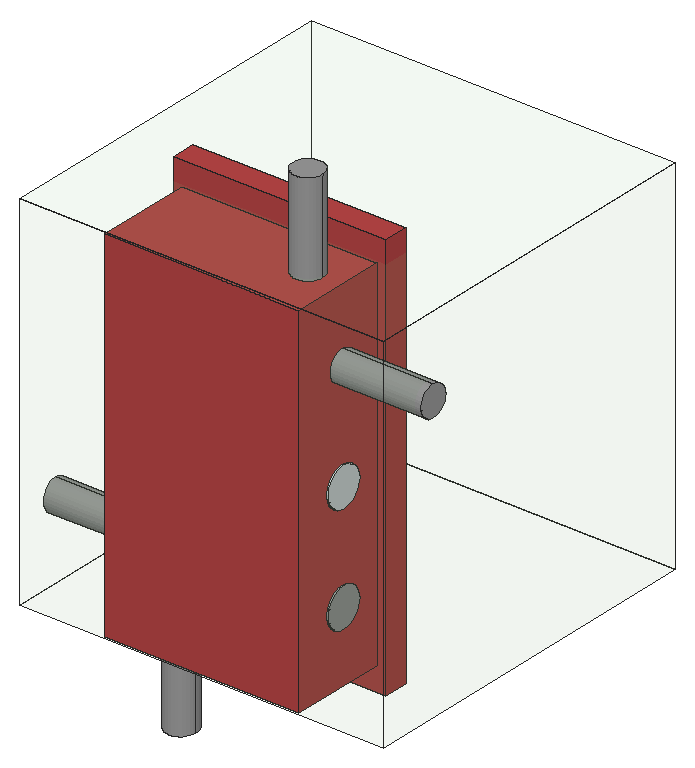
Revit family "ZETA_Коробка_Клемная_ККМТ-20", category Электрические приборы, Revit 2021
Family settings
  Сохранять ориентацию аннотаций = Нет
  Размер круглого соединителя = Использовать диаметр
  Тип детали = Нормальный
  На основе рабочей плоскости = Да
  Всегда вертикально = Нет
  При загрузке вырезать с полостями = Нет
  Общий = Нет
  Точка принадлежности помещению = Да
Parameters (values of type "ККМТ-20")
  УГО_Ширина = 10 mm
  УГО_Смещение_Х [instance] = 0 mm
  УГО_Смещение_Y [instance] = 0 mm
  УГО_Высота = 5 mm
  Температура эксплуатации = "от -40°С до +60°С"
  Сечение жил до = "4мм2"
  Сертификат = "RU C-RU.АД84.В.00192/20"
  Потолочное размещение [instance] = no
  Default Elevation = 1219.2 mm
  Описание = "Коробки клеммные ККМТ с наборными зажимами предназначены для\r\nсоединения и разветвления вторичных и силовых электрических цепей,\r\nвыполняемых контрольными кабелями с числом жил до 52 и силовыми кабелями с\r\nалюминиевыми или медными жилами сечением 1,5—4 мм2, проложенные в\r\nметаллических жестких трубах в трубных системах прокладки кабелей"
  Номинальный ток = "до 25A"
  Напряжение постоянного тока = "440 В"
  Напряжение переменного тока = "660 В"
  Крышка_Ширина = 160 mm
  Крышка_Длина = 190 mm
  Климатическое исполнение = "У3"
  Изготовитель = "АО «ЗЭТА»"  # constant formula
  Изготавливается по = "ТУ 27.33.13.120-047-99856433-2020"
  URL = "https://nzeta.ru/"
  D3 = 20 mm
  D2 = 32 mm
  D1 = 25 mm
  В_УГО_Смещение_У [instance] = УГО_Смещение_Y + 2000 mm  # 2000 mm
  В_УГО_Смещение_X [instance] = УГО_Смещение_Х + 2000 mm  # 2000 mm
  ADSK_Ток = 0 A
  ADSK_Степень защиты_IP = "IP31"
  ADSK_Размер_Ширина = 175 mm
  ADSK_Размер_УголПоворота [instance] = if(Потолочное размещение, -90.00°, 180.00°)  # 180.00°
  ADSK_Размер_Длина = 336 mm
  ADSK_Размер_Высота = 100 mm
  ADSK_Примечание [instance] = ""
  ADSK_Полная мощность = 0 VA
  ADSK_Позиция [instance] = ""
  ADSK_Обозначение = "KK"
  ADSK_Номинальная мощность = 0 W
  ADSK_Номер стояка = ""
  ADSK_Номер линии = 0
  ADSK_Напряжение = 230 V
  ADSK_Наименование краткое = "ККМТ-20"
  ADSK_Наименование = "Коробка клеммная ККМТ-20 У3 IP31 ГОФРОМАТИК"
  ADSK_Материал наименование = "Сталь оцинкованная"
  ADSK_Масса_Текст = "2,84"
  ADSK_Масса = 2.84
  ADSK_Марка = "КК ККМТ-20 У3 IP31"
  ADSK_Коэффициент мощности = 1
  ADSK_Количество фаз числовое = 1
  ADSK_Количество фаз = 1
  ADSK_Количество = 1
  ADSK_Код изделия = "zeta30371"
  ADSK_Классификация нагрузок = Прочее
  ADSK_Завод-изготовитель = "АО «ЗЭТА»"  # constant formula
  ADSK_Единица измерения = "шт"  # constant formula
  ADSK_Версия семейства = "v.1"  # constant formula
  ADSK_Версия Revit = "2021"
  ADSK_URL страницы изделия = "https://nzeta.ru/catalog/?q=zeta30371"
  ADSK_URL документации изделия = "https://nzeta.ru/upload/uf/0cc/nd938dqqshulb2erh1ouccn7p0e6zfv7/passport.pdf"
Types (2): name
  ККМТ-20
  ККМТ-20_IP31
Reference planes
  plane 1 "По центру (Вперед/Назад)": y = 0
  plane 2: z = 0
  plane 3 "По центру (Влево/Вправо)": x = 0
  plane 4: x = -2000
  plane 5: y = -2000
  plane 6: x = 0
  plane 7: y = 0
Lines and regions (mm)
  reference lines
    curve 1: line (0, 0, 0) -> (0, 0, -180)
    curve 2: line (0, 0, 0) -> (0, 140, 0)
Dimensions and locks
  "В_УГО_Смещение_X": plane 4 to plane 6
  "В_УГО_Смещение_У": plane 7 to plane 5
  angle curve 2 to curve 1 = 90.00°
  "ADSK_Размер_УголПоворота": angle plane 1 "По центру (Вперед/Назад)" to curve 1
  aligned and locked: level to plane 2
  aligned and locked: plane 6 to nested 1
  aligned and locked: nested 1 to plane 7
  aligned and locked: plane 2 to curve 2
  aligned and locked: plane 1 "По центру (Вперед/Назад)" to curve 1
  aligned and locked: nested 2 to curve 2
Nested families
  nested 1: "УГО_Клеменная_Коробка_(GenAnn)" at (0, 0, 0), УГО_Высота <- "УГО_Высота", УГО_Длина <- "УГО_Ширина", ADSK_Обозначение <- "ADSK_Обозначение", ADSK_Степень защиты_IP <- "ADSK_Степень защиты_IP", type "УГО_Клеменная_Коробка_(GenAnn)", detail levels coarse+medium
    with УГО_Длина 10 mm, УГО_Высота 5 mm, ADSK_Степень защиты_IP "IP31", ADSK_Обозначение "KK"
  nested 2: "ZETA_Коробка_Клемная_ККМТ-20_Геометрия" at (0, 0, 0) x (0, 0, -1) z (0, 1, 0), type "ККМТ-20", detail levels medium+fine
  nested 3: "Zeta_Зона обслуживания" at (0, 0, 0) x (-1, 0, 0) z (0, 0, -1), type "Зона обслуживания_Куб", detail levels medium+fine
    with Зона обслуживания_Ширина 300 mm, Зона обслуживания_Длина 300 mm, Зона обслуживания_Высота 300 mm
Connectors
  cabletrayconduit at (-81.999, 43.588, 88.893), diameter 32, driven by "D2"
    settings: on nested 2, index 2, connector width 300 mm, connector height 300 mm, connector angle 0.00°, system type 32, placement type 0, profile type 0, connector reference index -1, is primary connector yes, connector utility param no, connector description ""
  cabletrayconduit at (-81.999, 43.588, 0), diameter 25, driven by "D1"
    settings: on nested 2, index 3, connector width 300 mm, connector height 300 mm, connector angle 0.00°, system type 32, placement type 0, profile type 0, connector reference index -1, is primary connector no, connector utility param no, connector description ""
  cabletrayconduit at (-155.5, 43.588, -88.893), diameter 25, driven by "D1"
    settings: on nested 2, index 4, connector width 300 mm, connector height 300 mm, connector angle 0.00°, system type 32, placement type 0, profile type 0, connector reference index -1, is primary connector no, connector utility param no, connector description ""
  electrical at (0, 0, 0), driven by "ADSK_Количество фаз", driven by "ADSK_Классификация нагрузок", driven by "ADSK_Напряжение", driven by "ADSK_Полная мощность", driven by "ADSK_Коэффициент мощности"
    settings: on nested 2, index 5, voltage 230 V, apparent load 0 VA, apparent load phase1 0 VA, apparent load phase2 0 VA, apparent load phase3 0 VA, power factor 1, load classification "Прочее", number of poles 1, system type 30, power factor state 1, is connector primary yes, connector utility no, sub classification motor no, connector description ""
  cabletrayconduit at (155.5, 43.588, 89.057), diameter 25, driven by "D1"
    settings: on nested 2, index 7, connector width 300 mm, connector height 300 mm, connector angle 0.00°, system type 32, placement type 0, profile type 0, connector reference index -1, is primary connector no, connector utility param no, connector description ""
  cabletrayconduit at (81.928, 43.588, -89.057), diameter 32, driven by "D2"
    settings: on nested 2, index 8, connector width 300 mm, connector height 300 mm, connector angle 0.00°, system type 32, placement type 0, profile type 0, connector reference index -1, is primary connector no, connector utility param no, connector description ""
  cabletrayconduit at (-52.269, 43.588, -224.428), diameter 25, driven by "D1"
    settings: on nested 2, index 11, connector width 300 mm, connector height 300 mm, connector angle 0.00°, system type 32, placement type 0, profile type 0, connector reference index -1, is primary connector no, connector utility param no, connector description ""
  cabletrayconduit at (52.269, 43.588, 224.428), diameter 25, driven by "D1"
    settings: on nested 2, index 12, connector width 300 mm, connector height 300 mm, connector angle 0.00°, system type 32, placement type 0, profile type 0, connector reference index -1, is primary connector no, connector utility param no, connector description ""
  cabletrayconduit at (81.928, 43.588, 0), diameter 32, driven by "D2"
    settings: on nested 2, index 13, connector width 300 mm, connector height 300 mm, connector angle 0.00°, system type 32, placement type 0, profile type 0, connector reference index -1, is primary connector no, connector utility param no, connector description ""
Definition of nested family "ZETA_Коробка_Клемная_ККМТ-20_Геометрия"
  Parameters (values of type "ККМТ-20")
    Привязки_Штуцер = 177.786 mm
    Default Elevation = 1219.2 mm
    Основание_Ширина = ADSK_Размер_Ширина * 0.9142  # 159.985 mm
    Основание_Длина = ADSK_Размер_Длина * 0.8835  # 296.856 mm
    Manufacturer = "АО \"ЗЭТАРУС\""
    D3 = 20 mm
    D2 = 32 mm
    D1 = 25 mm
    ADSK_Размер_Ширина = 175 mm
    ADSK_Размер_Длина = 336 mm
    ADSK_Размер_Высота = 100 mm
  Reference planes
    plane 1 "По центру (Вперед/Назад)": y = 0
    plane 2: z = 0
    plane 3 "По центру (Влево/Вправо)": x = 0
    plane 4: x = -148.428
    plane 5: x = 148.428
    plane 6: y = -79.992
    plane 7: y = 79.993
    plane 8: x = -168
    plane 9: y = -87.5
    plane 10: x = 168
    plane 11: y = 87.5
    plane 12: z = 100
    plane 13: z = 79.822
    plane 14: y = -52.269
    plane 15: y = 52.269
    plane 16: z = 43.588
    plane 17: y = -81.999
    plane 18: y = 81.928
    plane 19: x = -88.893
    plane 20: x = 88.893
    plane 21: x = -89.057
    plane 22: x = 89.057
    plane 23: y = -155.5
    plane 24: y = 155.5
    plane 25: x = -224.428
    plane 26: x = 224.428
  Forms (mm)
    Extrusion 1, solid
      sketch origin (0, 0, 0) x (1, 0, 0) y (0, 1, 0)
        loop
          line (-148.428, 79.993) -> (-148.428, -79.992) -> (148.428, -79.992) -> (148.428, 79.993) -> (-148.428, 79.993)
      from 0 to 79.822
    Extrusion 2, solid
      sketch origin (0, 0, 0) x (1, 0, 0) y (0, 1, 0)
        loop
          line (-168, 87.5) -> (-168, -87.5) -> (168, -87.5) -> (168, 87.5) -> (-168, 87.5)
      from 100 to 79.822
    Extrusion 3, solid
      sketch origin (0, 0, 0) x (1, 0, 0) y (0, 0, 1)
        loop
          circle (-88.893, 43.588) r 16
      from 79.992 to 81.999
    Extrusion 4, solid
      sketch origin (117, 0, 0) x (1, 0, 0) y (0, 0, 1)
        loop
          circle (-28.107, 43.588) r 12.5
      from 155.5 to 79.992
    Extrusion 5, solid
      sketch origin (26.528, 167.006, 14.478) x (1, 0, 0) y (0, 0, 1)
        loop
          circle (-115.585, 29.11) r 12.5
      from 11.506 to 87.014
    Extrusion 6, solid
      sketch origin (204.642, 167.006, 14.478) x (1, 0, 0) y (0, 0, 1)
        loop
          circle (-115.585, 29.11) r 16
      from 85.079 to 87.014
    Extrusion 7, solid
      sketch origin (-148.428, -79.992, 0) x (0, 1, 0) y (0, 0, -1)
        loop
          circle (132.261, -43.588) r 12.5
      from 0 to 76
    Extrusion 8, solid
      sketch origin (148.428, 79.993, 0) x (0, -1, 0) y (0, 0, -1)
        loop
          circle (132.261, -43.588) r 12.5
      from 0 to 76
    Extrusion 9, solid
      sketch origin (-148.428, 79.993, 0) x (1, 0, 0) y (0, 0, -1)
        loop
          circle (148.428, -43.588) r 16
      from 0 to 1.935
  Dimensions and locks
    equal spacing: plane 4, plane 3 "По центру (Влево/Вправо)", plane 5
    equal spacing: plane 7, plane 1 "По центру (Вперед/Назад)", plane 6
    "Основание_Ширина": plane 7 to plane 6
    "Основание_Длина": plane 4 to plane 5
    equal spacing: plane 11, plane 1 "По центру (Вперед/Назад)", plane 9
    equal spacing: plane 8, plane 3 "По центру (Влево/Вправо)", plane 10
    "ADSK_Размер_Ширина": plane 11 to plane 9
    "ADSK_Размер_Длина": plane 8 to plane 10
    "ADSK_Размер_Высота": plane 12 to level
    locked: plane 6 to plane 17 at 2.006
    locked: plane 18 to plane 7 at 1.935
    equal spacing: plane 19, plane 3 "По центру (Влево/Вправо)", plane 20
    plane 4 to plane 21 to plane 22 to plane 5 = 59.371 mm, 178.114 mm, 59.371 mm
    "Привязки_Штуцер": plane 19 to plane 20
    equal spacing: plane 15, plane 1 "По центру (Вперед/Назад)", plane 14
    "D2": diameter of Extrusion 3 sketch curve
    "D1": diameter of Extrusion 4 sketch curve
    "D1": diameter of Extrusion 5 sketch curve
    "D2": diameter of Extrusion 6 sketch curve
    "D1": diameter of Extrusion 7 sketch curve
    "D1": diameter of Extrusion 8 sketch curve
    "D2": diameter of Extrusion 9 sketch curve
    aligned and locked: level to plane 2
    aligned and locked: Extrusion 1 sketch curve to plane 7
    aligned and locked: plane 4 to Extrusion 1 sketch curve
    aligned and locked: plane 6 to Extrusion 1 sketch curve
    aligned and locked: Extrusion 1 sketch curve to plane 5
    aligned and locked: Extrusion 2 sketch curve to plane 11
    aligned and locked: plane 8 to Extrusion 2 sketch curve
    aligned and locked: plane 9 to Extrusion 2 sketch curve
    aligned and locked: Extrusion 2 sketch curve to plane 10
    aligned and locked: Extrusion 2 to plane 13
    aligned and locked: Extrusion 1 to Extrusion 2
    aligned and locked: plane 16 to Extrusion 3 sketch curve
    aligned and locked: plane 6 to Extrusion 3
    aligned and locked: Extrusion 3 to plane 17
    aligned and locked: Extrusion 4 to Extrusion 1
    aligned and locked: plane 19 to Extrusion 3 sketch curve
    aligned and locked: plane 20 to Extrusion 4 sketch curve
    aligned and locked: plane 16 to Extrusion 4 sketch curve
    aligned and locked: plane 14 to Extrusion 8 sketch curve
    aligned and locked: plane 15 to Extrusion 7 sketch curve
    aligned and locked: Extrusion 4 to plane 23
    aligned and locked: plane 3 "По центру (Влево/Вправо)" to Extrusion 9 sketch curve
    aligned and locked: Extrusion 5 to plane 24
    aligned and locked: plane 18 to Extrusion 9
    aligned and locked: Extrusion 7 to plane 25
    aligned and locked: Extrusion 8 to plane 26
  Automatic sketch dimensions
    Extrusion 5 sketch curve to plane 16 = 0 mm
    Extrusion 5 sketch curve to plane 21 = 0 mm
    Extrusion 6 sketch curve to plane 16 = 0 mm
    Extrusion 6 sketch curve to plane 22 = 0 mm
    Extrusion 1 to Extrusion 7 sketch curve = 36.234 mm
    Extrusion 1 to Extrusion 8 sketch curve = 36.234 mm
    Extrusion 1 to Extrusion 9 sketch curve = 36.234 mm
Definition of nested family "Zeta_Зона обслуживания"
  Parameters (values of type "Зона обслуживания_Куб")
    Default Elevation = 1219.2 mm
    Зона обслуживания_Ширина [instance] = 300 mm
    Зона обслуживания_Длина [instance] = 300 mm
    Зона обслуживания_Высота [instance] = 300 mm
  Reference planes
    plane 1 "По центру (Вперед/Назад)": y = 0
    plane 2: z = 0
    plane 3 "По центру (Влево/Вправо)": x = 0
    plane 4: x = -150
    plane 5: x = 150
    plane 6: y = 300
    plane 7: z = 150
    plane 8: z = -150
  Forms (mm)
    Extrusion 1, solid
      sketch origin (0, 0, 0) x (1, 0, 0) y (0, 1, 0)
        loop
          line (-150, 300) -> (-150, 0) -> (150, 0) -> (150, 300) -> (-150, 300)
      from -150 to 150
  Dimensions and locks
    equal spacing: plane 4, plane 3 "По центру (Влево/Вправо)", plane 5
    "Зона обслуживания_Ширина": plane 6 to plane 1 "По центру (Вперед/Назад)"
    "Зона обслуживания_Длина": plane 4 to plane 5
    equal spacing: plane 7, level, plane 8
    "Зона обслуживания_Высота": plane 7 to plane 8
    aligned and locked: level to plane 2
    aligned and locked: Extrusion 1 sketch curve to plane 6
    aligned and locked: plane 4 to Extrusion 1 sketch curve
    aligned and locked: Extrusion 1 sketch curve to plane 5
    aligned and locked: Extrusion 1 to plane 8
    aligned and locked: plane 7 to Extrusion 1
    aligned and locked: plane 1 "По центру (Вперед/Назад)" to Extrusion 1
  Automatic sketch dimensions
    plane 1 "По центру (Вперед/Назад)" to Extrusion 1 sketch curve = 0 mm
Definition of nested family "УГО_Клеменная_Коробка_(GenAnn)"
  Parameters (values of type "УГО_Клеменная_Коробка_(GenAnn)")
    УГО_Длина [instance] = 10 mm
    УГО_Высота [instance] = 5 mm
    ADSK_Степень защиты_IP [instance] = ""
    ADSK_Обозначение [instance] = ""
  Reference planes
    plane 1: y = 0
    plane 2: x = 0
  Lines and regions (mm)
    Filled region 1, type "Filled region 1"
      outline origin (0, 0, 0) x (1, 0, 0) y (0, 1, 0)
        loop
          line (-5, 2.5) -> (-5, -2.5) -> (5, -2.5) -> (5, 2.5) -> (-5, 2.5)
    reference lines
      curve 1: line (-5, 2.5, 0) -> (-5, -2.5, 0)
      curve 2: line (-5, -2.5, 0) -> (5, -2.5, 0)
      curve 3: line (5, 2.5, 0) -> (5, -2.5, 0)
      curve 4: line (-5, 2.5, 0) -> (5, 2.5, 0)
  Text (mm)
    label "KK IP 54" at (0.033, -0.03, 0), shows "ADSK_Обозначение", "ADSK_Степень защиты_IP"
  Dimensions and locks
    equal spacing: curve 1, plane 2, curve 3
    equal spacing: curve 2, plane 1, curve 4
    "УГО_Длина": curve 1 to curve 3
    "УГО_Высота": curve 2 to curve 4
    aligned and locked: Filled region 1 sketch curve to curve 4
    aligned and locked: Filled region 1 sketch curve to curve 1
    aligned and locked: Filled region 1 sketch curve to curve 2
    aligned and locked: Filled region 1 sketch curve to curve 3
